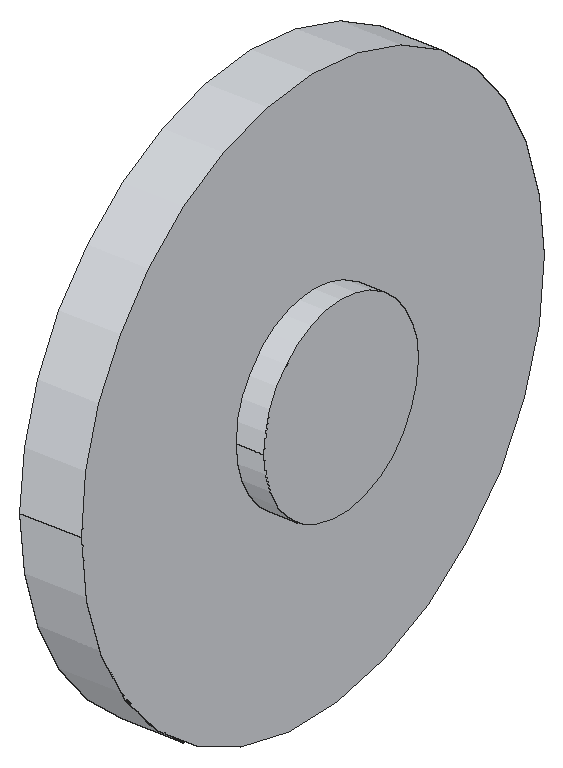
Revit family "M_Flange - Passagem - Aço - Classe 150", category Conexões de tubo, Revit 2019
Family settings
  Cota do conector redondo = Usar raio
  Tipo de parte = Flange
  Número OmniClass = 23.60.30.11.14
  Título OmniClass = Pipework Fittings
  ID de item do Seek = Flange - Slip-on - Steel - Class 150-0000-CAN-ENU
  Com base no plano de trabalho = Não
  Sempre na vertical = Sim
  Corte com vazios quando carregada = Não
  Compartilhado = Não
Parameters (values of type "Padrão")
  Tamanho da marca de revisão [instance] = Diâmetro externo da flange * 0.4  # 36 mm
  Espessura da face elevada [instance] = 1.587 mm  # constant formula
  Raio da face elevada [instance] = Diâmetro da face elevada / 2  # 17.45 mm
  Diâmetro da face elevada [instance] = size_lookup(Nome da tabela de pesquisa, "RFD", 1.11 * Diâmetro nominal + 34.727 mm, Diâmetro nominal)  # 34.9 mm
  Raio nominal [instance] = 7.5 mm
  Diâmetro nominal [instance] = Raio nominal * 2  # 15 mm
  Método de perda = Não definido
  Nome da tabela de pesquisa = "M_Flange - Slip-on - Steel - Class 150"
  Comprimento pelo hub [instance] = size_lookup(Nome da tabela de pesquisa, "LTH", 0.11 * Diâmetro nominal + 17.76 mm, Diâmetro nominal)  # 14 mm
  Raio do hub [instance] = Diâmetro do hub / 2  # 15 mm
  Diâmetro do hub [instance] = size_lookup(Nome da tabela de pesquisa, "HDia", 1.08 * Diâmetro nominal + 24.209 mm, Diâmetro nominal)  # 30 mm
  Espessura do flange [instance] = size_lookup(Nome da tabela de pesquisa, "FThk", 0.05 * Diâmetro nominal + 14.188 mm, Diâmetro nominal)  # 9.6 mm
  Raio externo da flange [instance] = Diâmetro externo da flange / 2  # 45 mm
  Diâmetro externo da flange [instance] = size_lookup(Nome da tabela de pesquisa, "FOD", 1.24 * Diâmetro nominal + 89.595 mm, Diâmetro nominal)  # 90 mm
Reference planes
  plane 1 "Centro (Frente/Trás)": y = 0
  plane 2: z = 0
  plane 3 "Centro (Esquerda/Direita)": x = 0
  plane 4: x = 1.588
  plane 5: x = 11.188
  plane 6: x = 15.588
  plane 7: y = 36
  plane 8: y = -36
Forms (mm)
  Sweep 1, solid, detail levels fine
    path in 3D
      loop
        line (0, 0, 0) -> (1.588, 0, 0)
    profile origin (0.794, 0, 0) x (0, 1, 0) y (0, 0, 1)
      loop
        circle (0, 0) r 17.45
  Sweep 2, solid, detail levels fine
    path in 3D
      loop
        line (1.588, 0, 0) -> (11.188, 0, 0)
    profile origin (6.388, 0, 0) x (0, 1, 0) y (0, 0, 1)
      loop
        circle (0, 0) r 45
  Sweep 3, solid, detail levels fine
    path in 3D
      loop
        line (11.188, 0, 0) -> (15.588, 0, 0)
    profile origin (13.388, 0, 0) x (0, 1, 0) y (0, 0, 1)
      loop
        circle (0, 0) r 15
Cuts and joins
  joined: Sweep 1, Sweep 2, Sweep 3
Lines and regions (mm)
  model lines, detail levels coarse+medium
    curve 1: line (0, 0, 0) -> (1.588, 0, 0)
    curve 2: line (1.588, 0, 0) -> (11.188, 0, 0)
    curve 3: line (11.188, 0, 0) -> (15.588, 0, 0)
    curve 7: line (11.188, 36, 0) -> (11.188, -36, 0)
  sketch lines
    curve 4: line (0, 0, 0) -> (1.588, 0, 0)
    curve 5: line (1.588, 0, 0) -> (11.188, 0, 0)
    curve 6: line (11.188, 0, 0) -> (15.588, 0, 0)
Dimensions and locks
  "Espessura da face elevada": plane 3 "Centro (Esquerda/Direita)" to plane 4
  "Espessura do flange": plane 4 to plane 5
  "Comprimento pelo hub": plane 4 to plane 6
  equal spacing: plane 7, plane 1 "Centro (Frente/Trás)", plane 8
  "Tamanho da marca de revisão": plane 7 to plane 1 "Centro (Frente/Trás)"
  "Raio da face elevada": radius of Sweep 1 sketch curve
  "Raio externo da flange": radius of Sweep 2 sketch curve
  "Raio do hub": radius of Sweep 3 sketch curve
  aligned and locked: plane 3 "Centro (Esquerda/Direita)" to curve 1
  aligned and locked: plane 4 to curve 1
  aligned and locked: plane 1 "Centro (Frente/Trás)" to curve 1
  aligned and locked: plane 1 "Centro (Frente/Trás)" to curve 2
  aligned and locked: plane 5 to curve 3
  aligned and locked: plane 6 to curve 3
  aligned and locked: plane 1 "Centro (Frente/Trás)" to curve 3
  aligned and locked: plane 7 to curve 7
  aligned and locked: plane 8 to curve 7
  aligned and locked: curve 7 to plane 5
Automatic sketch dimensions
  Sweep 1 sketch curve to profile plane = 0 mm  (x2)
  Sweep 2 sketch curve to profile plane = 0 mm  (x2)
  Sweep 3 sketch curve to profile plane = 0 mm  (x2)
Connectors
  piping at (0, 0, 0), diameter 15, driven by "Raio nominal"
    settings: on cut or joined group of Sweep 1, Sweep 2, Sweep 3, index 1, connector inside diameter 15 mm, connector length 0 mm, flow factor 0, pipe flow 0.0 L/s, pressure drop 0.0 Pa, fitting loss kfactor 0, connector angle 0.00°, fixture units 0, engagement length 0 mm, angle of deflection 0.00°, flow configuration 0, flow direction 0, fitting loss method 0, system type 28, joint type 0, gender type 0, connector reference index 2, connector utility 0, adjustable connector no, is connector primary yes, connector description ""
  piping at (15.588, 0, 0), diameter 15, driven by "Raio nominal"
    settings: on cut or joined group of Sweep 1, Sweep 2, Sweep 3, index 2, connector inside diameter 15 mm, connector length 0 mm, flow factor 0, pipe flow 0.0 L/s, pressure drop 0.0 Pa, fitting loss kfactor 0, connector angle 0.00°, fixture units 0, engagement length 0 mm, angle of deflection 0.00°, flow configuration 0, flow direction 0, fitting loss method 0, system type 28, joint type 0, gender type 0, connector reference index 1, connector utility 0, adjustable connector no, is connector primary no, connector description ""
